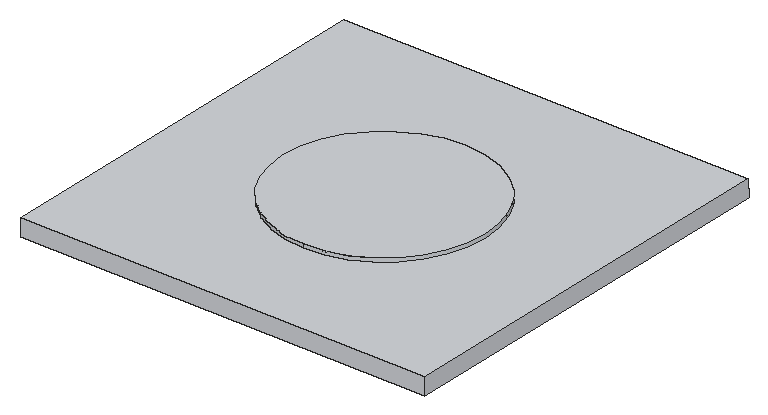
Revit family "MEP_AirTerminal_SupplyDiffuser", category Air Terminals, host Ceiling, Revit 2026
Family settings
  Host = Ceiling
  Round Connector Dimension = Use Diameter
  Part Type = Normal
  Always vertical = No
  Cut with Voids When Loaded = Yes
  Maintain Annotation Orientation = No
  Shared = No
  Room Calculation Point = No
Parameters (values of type "F600_N300")
  Thickness = 25 mm
  NeckSize = 300 mm
  NC = 25
  Mat_Louvers = none
  Mat_Face = none
  Louvers_On = yes
  FrameInset = 10 mm
  FlowRated_Ls = 200.0 L/s
  Finish = "RAL9016"
  Face_Recess = 80 mm
  FaceSize = 600 mm
  Default Elevation = 0 mm
  AT_Number [instance] = ""
Types (4, lengths in mm): name | NeckSize | FlowRated_Ls | Face_Recess | FaceSize
  F300_N150 | 150 | 50.0 L/s | 1 | 300
  F450_N200 | 200 | 100.0 L/s | 80 | 450
  F600_N250 | 200 | 150.0 L/s | 80 | 600
  F600_N300 | 300 | 200.0 L/s | 80 | 600
Reference planes
  plane 1 "Center (FB)": y = 0
  plane 2: z = 0
  plane 3 "Center (LR)": x = 0
  plane 4 "Face": z = 4000
  plane 5 "Neck Back": z = 4025
  plane 6 "Left": x = -300
  plane 7 "Bottom": y = -300
  plane 8 "Right": x = 300
  plane 9 "Top": y = 300
  plane 10 "Louver_Left": x = -290
  plane 11 "Louver_Right": x = 290
  plane 12 "Louver_Top": y = 290
  plane 13 "Louver_Bottom": y = -290
  plane 14 "Face_Recess": z = 3920
Forms (mm)
  Extrusion 1, solid, material <- "Mat_Face", detail levels medium+fine
    sketch origin (0, 0, 4000) x (0, 1, 0) y (-1, 0, 0)
      loop
        line (300, 300) -> (-300, 300) -> (-300, -300) -> (300, -300) -> (300, 300)
    from 0 to 25
  Extrusion 2, solid, detail levels medium+fine
    sketch origin (0, 0, 4025) x (0, 1, 0) y (-1, 0, 0)
      loop
        circle (0, 0) r 150
    from 0 to 5
  Extrusion 3, solid, material <- "Mat_Louvers", visible <- "Louvers_On", detail levels fine
    sketch origin (-75, 0, 4000) x (0, 1, 0) y (-1, 0, 0)
      loop
        line (-1, 215) -> (-1, -365) -> (1, -365) -> (1, 215) -> (-1, 215)
    from 2 to 4
  Extrusion 4, void
    sketch origin (0, 0, 4000) x (0, 1, 0) y (1, 0, 0)
      loop
        line (300, -300) -> (300, 300) -> (-300, 300) -> (-300, -300) -> (300, -300)
    from 1 to -25
  Extrusion 5, solid, material <- "Mat_Louvers", visible <- "Louvers_On", detail levels fine
    sketch origin (-75, 289, 4000) x (0, 1, 0) y (-1, 0, 0)
      loop
        line (-1, 215) -> (-1, -365) -> (1, -365) -> (1, 215) -> (-1, 215)
    from 2 to 4
  Extrusion 6, solid, material <- "Mat_Louvers", visible <- "Louvers_On", detail levels fine
    sketch origin (-75, 48.167, 4000) x (0, 1, 0) y (-1, 0, 0)
      loop
        line (-1, 215) -> (-1, -365) -> (1, -365) -> (1, 215) -> (-1, 215)
    from 2 to 4
  Extrusion 7, solid, material <- "Mat_Louvers", visible <- "Louvers_On", detail levels fine
    sketch origin (-75, 96.333, 4000) x (0, 1, 0) y (-1, 0, 0)
      loop
        line (-1, 215) -> (-1, -365) -> (1, -365) -> (1, 215) -> (-1, 215)
    from 2 to 4
  Extrusion 8, solid, material <- "Mat_Louvers", visible <- "Louvers_On", detail levels fine
    sketch origin (-75, 144.5, 4000) x (0, 1, 0) y (-1, 0, 0)
      loop
        line (-1, 215) -> (-1, -365) -> (1, -365) -> (1, 215) -> (-1, 215)
    from 2 to 4
  Extrusion 9, solid, material <- "Mat_Louvers", visible <- "Louvers_On", detail levels fine
    sketch origin (-75, 192.667, 4000) x (0, 1, 0) y (-1, 0, 0)
      loop
        line (-1, 215) -> (-1, -365) -> (1, -365) -> (1, 215) -> (-1, 215)
    from 2 to 4
  Extrusion 10, solid, material <- "Mat_Louvers", visible <- "Louvers_On", detail levels fine
    sketch origin (-75, 240.833, 4000) x (0, 1, 0) y (-1, 0, 0)
      loop
        line (-1, 215) -> (-1, -365) -> (1, -365) -> (1, 215) -> (-1, 215)
    from 2 to 4
  Extrusion 11, void
    sketch origin (0, 0, 4000) x (0, 1, 0) y (-1, 0, 0)
      loop
        line (290, 290) -> (-290, 290) -> (-290, -290) -> (290, -290) -> (290, 290)
    from 0 to 10
  Extrusion 12, solid, material <- "Mat_Louvers", visible <- "Louvers_On", detail levels fine
    sketch origin (-75, -289, 4000) x (0, 1, 0) y (-1, 0, 0)
      loop
        line (1, 215) -> (-1, 215) -> (-1, -365) -> (1, -365) -> (1, 215)
    from 2 to 4
  Extrusion 13, solid, material <- "Mat_Louvers", visible <- "Louvers_On", detail levels fine
    sketch origin (-75, -48.167, 4000) x (0, 1, 0) y (-1, 0, 0)
      loop
        line (1, 215) -> (-1, 215) -> (-1, -365) -> (1, -365) -> (1, 215)
    from 2 to 4
  Extrusion 14, solid, material <- "Mat_Louvers", visible <- "Louvers_On", detail levels fine
    sketch origin (-75, -96.333, 4000) x (0, 1, 0) y (-1, 0, 0)
      loop
        line (1, 215) -> (-1, 215) -> (-1, -365) -> (1, -365) -> (1, 215)
    from 2 to 4
  Extrusion 15, solid, material <- "Mat_Louvers", visible <- "Louvers_On", detail levels fine
    sketch origin (-75, -144.5, 4000) x (0, 1, 0) y (-1, 0, 0)
      loop
        line (1, 215) -> (-1, 215) -> (-1, -365) -> (1, -365) -> (1, 215)
    from 2 to 4
  Extrusion 16, solid, material <- "Mat_Louvers", visible <- "Louvers_On", detail levels fine
    sketch origin (-75, -192.667, 4000) x (0, 1, 0) y (-1, 0, 0)
      loop
        line (1, 215) -> (-1, 215) -> (-1, -365) -> (1, -365) -> (1, 215)
    from 2 to 4
  Extrusion 17, solid, material <- "Mat_Louvers", visible <- "Louvers_On", detail levels fine
    sketch origin (-75, -240.833, 4000) x (0, 1, 0) y (-1, 0, 0)
      loop
        line (1, 215) -> (-1, 215) -> (-1, -365) -> (1, -365) -> (1, 215)
    from 2 to 4
Cuts and joins
  Extrusion 11 cuts Extrusion 1
  Extrusion 11 cuts Extrusion 2
Lines and regions (mm)
  symbolic lines, style "Louver_Symbolic", detail levels coarse
    curve 1: line (-300, -300, 4025) -> (300, -300, 4025)
    curve 2: line (-300, 300, 4025) -> (-300, -300, 4025)
    curve 3: line (300, 300, 4025) -> (-300, 300, 4025)
    curve 4: line (300, -300, 4025) -> (300, 300, 4025)
    curve 5: line (-300, 300, 4025) -> (300, -300, 4025)
    curve 6: line (300, 300, 4025) -> (-300, -300, 4025)
Dimensions and locks
  equal spacing: host sketch curve, plane 3 "Center (LR)", host sketch curve
  equal spacing: host sketch curve, plane 1 "Center (FB)", host sketch curve
  host sketch curve to host sketch curve = 4000 mm  (x2)
  plane 4 "Face" to host ceiling = 0 mm
  equal spacing: plane 6 "Left", plane 3 "Center (LR)", plane 8 "Right"
  equal spacing: plane 7 "Bottom", plane 1 "Center (FB)", plane 9 "Top"
  "FaceSize": plane 6 "Left" to plane 8 "Right"
  "FaceSize": plane 9 "Top" to plane 7 "Bottom"
  "Thickness": plane 4 "Face" to plane 5 "Neck Back"
  "FrameInset": plane 6 "Left" to plane 10 "Louver_Left"
  "FrameInset": plane 9 "Top" to plane 12 "Louver_Top"
  "FrameInset": plane 7 "Bottom" to plane 13 "Louver_Bottom"
  "FrameInset": plane 11 "Louver_Right" to plane 8 "Right"
  "Face_Recess": plane 14 "Face_Recess" to plane 4 "Face"
  equal spacing: plane 12 "Louver_Top", Extrusion 10, Extrusion 9, Extrusion 8, Extrusion 7, Extrusion 6, Extrusion 3
  equal spacing: plane 13 "Louver_Bottom", Extrusion 17, Extrusion 16, Extrusion 15, Extrusion 14, Extrusion 13, Extrusion 3
  "NeckSize": diameter of Extrusion 2 sketch curve
  aligned and locked: plane 5 "Neck Back" to Extrusion 1
  aligned and locked: Extrusion 1 to plane 6 "Left"
  aligned and locked: Extrusion 1 to plane 8 "Right"
  aligned and locked: Extrusion 1 to plane 9 "Top"
  aligned and locked: Extrusion 1 to plane 7 "Bottom"
  aligned and locked: plane 5 "Neck Back" to Extrusion 2
  aligned and locked: curve 3 to plane 9 "Top"
  aligned and locked: curve 4 to plane 8 "Right"
  aligned and locked: curve 1 to plane 7 "Bottom"
  aligned and locked: curve 2 to plane 6 "Left"
  aligned and locked: plane 4 "Face" to Extrusion 1
  aligned and locked: Extrusion 4 to plane 8 "Right"
  aligned and locked: Extrusion 4 to plane 9 "Top"
  aligned and locked: Extrusion 4 to plane 6 "Left"
  aligned and locked: Extrusion 4 to plane 7 "Bottom"
  aligned and locked: Extrusion 5 sketch curve to plane 10 "Louver_Left"
  aligned and locked: Extrusion 5 sketch curve to plane 11 "Louver_Right"
  aligned and locked: Extrusion 10 sketch curve to plane 11 "Louver_Right"
  aligned and locked: Extrusion 10 sketch curve to plane 10 "Louver_Left"
  aligned and locked: Extrusion 9 sketch curve to plane 10 "Louver_Left"
  aligned and locked: Extrusion 9 sketch curve to plane 11 "Louver_Right"
  aligned and locked: Extrusion 8 sketch curve to plane 11 "Louver_Right"
  aligned and locked: Extrusion 8 sketch curve to plane 10 "Louver_Left"
  aligned and locked: Extrusion 7 sketch curve to plane 10 "Louver_Left"
  aligned and locked: Extrusion 7 sketch curve to plane 11 "Louver_Right"
  aligned and locked: Extrusion 6 sketch curve to plane 11 "Louver_Right"
  aligned and locked: Extrusion 6 sketch curve to plane 10 "Louver_Left"
  aligned and locked: plane 11 "Louver_Right" to Extrusion 11 sketch curve
  aligned and locked: Extrusion 11 sketch curve to plane 13 "Louver_Bottom"
  aligned and locked: plane 10 "Louver_Left" to Extrusion 11 sketch curve
  aligned and locked: Extrusion 11 sketch curve to plane 12 "Louver_Top"
  aligned and locked: plane 5 "Neck Back" to Extrusion 4
  aligned and locked: Extrusion 3 sketch curve to plane 10 "Louver_Left"
Automatic sketch dimensions
  Extrusion 1 sketch curve to plane 6 "Left" = 0 mm
  Extrusion 1 sketch curve to plane 7 "Bottom" = 0 mm
  plane 9 "Top" to Extrusion 1 sketch curve = 0 mm
  Extrusion 1 sketch curve to plane 8 "Right" = 0 mm
  Extrusion 3 sketch curve to plane 11 "Louver_Right" = 0 mm
  plane 1 "Center (FB)" to Extrusion 3 sketch curve = 1 mm
  Extrusion 3 sketch curve to plane 1 "Center (FB)" = 1 mm
  Extrusion 4 sketch curve to plane 6 "Left" = 0 mm
  Extrusion 4 sketch curve to plane 7 "Bottom" = 0 mm
  plane 9 "Top" to Extrusion 4 sketch curve = 0 mm
  Extrusion 4 sketch curve to plane 8 "Right" = 0 mm
  Extrusion 5 sketch curve to plane 12 "Louver_Top" = 0 mm
  Extrusion 5 sketch curve to Extrusion 5 sketch curve = 2 mm
  Extrusion 6 sketch curve to plane 1 "Center (FB)" = 47.167 mm
  Extrusion 6 sketch curve to Extrusion 6 sketch curve = 2 mm
  Extrusion 7 sketch curve to plane 1 "Center (FB)" = 95.333 mm
  Extrusion 7 sketch curve to Extrusion 7 sketch curve = 2 mm
  Extrusion 8 sketch curve to plane 1 "Center (FB)" = 143.5 mm
  Extrusion 8 sketch curve to Extrusion 8 sketch curve = 2 mm
  Extrusion 9 sketch curve to plane 12 "Louver_Top" = 98.333 mm
  Extrusion 9 sketch curve to Extrusion 9 sketch curve = 2 mm
  Extrusion 10 sketch curve to plane 12 "Louver_Top" = 50.167 mm
  Extrusion 10 sketch curve to Extrusion 10 sketch curve = 2 mm
  Extrusion 12 sketch curve to plane 10 "Louver_Left" = 0 mm
  plane 13 "Louver_Bottom" to Extrusion 12 sketch curve = 0 mm
  Extrusion 12 sketch curve to plane 11 "Louver_Right" = 0 mm
  Extrusion 12 sketch curve to Extrusion 12 sketch curve = 2 mm
  Extrusion 13 sketch curve to plane 10 "Louver_Left" = 0 mm
  Extrusion 13 sketch curve to plane 11 "Louver_Right" = 0 mm
  plane 1 "Center (FB)" to Extrusion 13 sketch curve = 49.167 mm
  Extrusion 13 sketch curve to Extrusion 13 sketch curve = 2 mm
  Extrusion 14 sketch curve to plane 10 "Louver_Left" = 0 mm
  Extrusion 14 sketch curve to plane 11 "Louver_Right" = 0 mm
  plane 1 "Center (FB)" to Extrusion 14 sketch curve = 97.333 mm
  Extrusion 14 sketch curve to Extrusion 14 sketch curve = 2 mm
  Extrusion 15 sketch curve to plane 10 "Louver_Left" = 0 mm
  Extrusion 15 sketch curve to plane 11 "Louver_Right" = 0 mm
  Extrusion 15 sketch curve to plane 13 "Louver_Bottom" = 144.5 mm
  Extrusion 15 sketch curve to Extrusion 15 sketch curve = 2 mm
  Extrusion 16 sketch curve to plane 10 "Louver_Left" = 0 mm
  Extrusion 16 sketch curve to plane 11 "Louver_Right" = 0 mm
  Extrusion 16 sketch curve to plane 13 "Louver_Bottom" = 96.333 mm
  Extrusion 16 sketch curve to Extrusion 16 sketch curve = 2 mm
  Extrusion 17 sketch curve to plane 10 "Louver_Left" = 0 mm
  Extrusion 17 sketch curve to plane 11 "Louver_Right" = 0 mm
  Extrusion 17 sketch curve to plane 13 "Louver_Bottom" = 48.167 mm
  Extrusion 17 sketch curve to Extrusion 17 sketch curve = 2 mm
  plane 1 "Center (FB)" to Extrusion 2 sketch curve = 0 mm
  Extrusion 2 sketch curve to plane 3 "Center (LR)" = 0 mm
Connectors
  hvac at (0, 0, 4030), driven by "FlowRated_Ls", driven by "NeckSize"
    settings: on Extrusion 2, index 1, duct flow 200.0 L/s, flow factor 0, pres drop 0.0 Pa, loss coef 0, conn angle 0.00°, conn width 304.8 mm, conn height 304.8 mm, conn diameter 300 mm, duct sys type 1, conn prof type 0, flow config 1, flow direction 1, loss method 0, conn ref index -1, conn util no, is conn primary yes, conn desc ""
